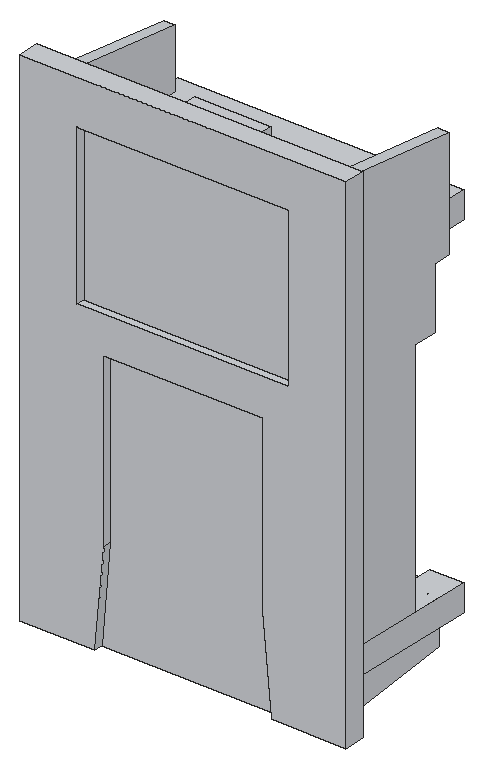
Revit family
Parameters
  Material ID = "760161117"
  Description = "LF80 FACEPLATE BLUE"
Reference planes (in)
  plane 1 "Center (Front/Back)": y = 0
  plane 2: z = 0
  plane 3 "Center (Left/Right)": x = 0
Forms (in)
  Extrusion 1, void, not visible
    sketch origin (0, 0, 0) x (1, 0, 0) y (0, 0, 1)
      loop
        line (-7.85662, 0.48089) -> (-7.85662, -0.39002) -> (-7.67285, -0.39002) -> (-7.67285, -0.64002) -> (-7.0736, -0.64002) -> (-7.0736, -0.39002) -> (-6.92978, -0.39002) -> (-6.92978, 0.48089) -> (-7.85662, 0.48089)
    from -3.79215 to 12
  Extrusion 2, void, not visible
    sketch origin (0, 0, 0) x (1, 0, 0) y (0, 0, 1)
      loop
        line (-8.21397, 0.42583) -> (-8.21397, -0.07417) -> (-8.08657, -0.07417) -> (-8.08657, -0.27417) -> (-7.83657, -0.27417) -> (-7.83657, -0.07417) -> (-7.72497, -0.07417) -> (-7.72497, 0.42583) -> (-8.21397, 0.42583)
    from 0.74059 to 3.34334
  Extrusion 3, solid
    sketch origin (0, 0, 0) x (1, 0, 0) y (0, 0, 1)
      loop
        line (-0.486, 0) -> (-0.486, -0.756) -> (0.486, -0.756) -> (0.486, 0.756) -> (-0.486, 0.756) -> (-0.486, 0)
    from 0 to 0.512
  Extrusion 4, void
    sketch origin (0, 0, 0) x (1, 0, 0) y (0, 0, 1)
      loop
        line (-0.486, 0.756) -> (-0.486, -0.756) -> (0.486, -0.756) -> (0.486, 0.756) -> (-0.486, 0.756)
      loop
        line (0.426, 0.489) -> (-0.426, 0.489) -> (-0.426, 0.409) -> (-0.376, 0.409) -> (-0.376, -0.561) -> (-0.426, -0.561) -> (-0.426, -0.641) -> (0.426, -0.641) -> (0.426, -0.561) -> (0.376, -0.561) -> (0.376, 0.409) -> (0.426, 0.409) -> (0.426, 0.489)
    from 0 to 0.45
  Extrusion 5, void
    sketch origin (0, 0, 0) x (1, 0, 0) y (0, 0, 1)
      loop
        line (0.326, 0.439) -> (-0.326, 0.439) -> (-0.326, 0.205) -> (0.326, 0.205) -> (0.326, 0.439)
      loop
        line (-0.326, -0.58901) -> (0.326, -0.58901) -> (0.326, 0.155) -> (-0.326, 0.155) -> (-0.326, -0.58901)
    from 0 to 0.45
  Extrusion 6, void
    sketch origin (0, 0, 0) x (0, 1, 0) y (0, 0, 1)
      loop
        line (0, -0.561) -> (0, 0.155) -> (0, 0.33829) -> (-0.1063, 0.33829) -> (-0.1063, 0.155) -> (-0.18174, 0.155) -> (-0.18174, -0.561) -> (0, -0.561)
    from -0.77686 to 12
  Extrusion 7, solid
    sketch origin (0, 0, 0) x (0, 1, 0) y (0, 0, 1)
      loop
        line (-0.05315, 0.33829) -> (-0.05315, 0.66645) -> (-0.45, 0.71518) -> (-0.45, -0.641) -> (-0.45, -0.73438) -> (-0.09087, -0.69029) -> (-0.09087, -0.561) -> (-0.18174, -0.561) -> (-0.18174, 0.155) -> (-0.1063, 0.155) -> (-0.1063, 0.33829) -> (-0.05315, 0.33829)
    from 0.39216 to 0.426
  Extrusion 8, solid
    sketch origin (0, 0, 0) x (0, 1, 0) y (0, 0, -1)
      loop
        line (-0.05315, -0.33829) -> (-0.1063, -0.33829) -> (-0.1063, -0.155) -> (-0.18174, -0.155) -> (-0.18174, 0.561) -> (-0.09087, 0.561) -> (-0.09087, 0.69029) -> (-0.45, 0.73438) -> (-0.45, 0.641) -> (-0.45, -0.71518) -> (-0.05315, -0.66645) -> (-0.05315, -0.33829)
    from 0.39216 to 0.426
  Extrusion 9, void
    sketch origin (0, 0, 0) x (1, 0, 0) y (0, 0, 1)
      loop
        line (-0.316, 0.623) -> (-0.316, 0.149) -> (0.315, 0.149) -> (0.315, 0.623) -> (-0.316, 0.623)
      loop
        line (-0.238, 0.039) -> (-0.238, -0.473) -> (-0.26276, -0.756) -> (0.26276, -0.756) -> (0.238, -0.473) -> (0.238, 0.039) -> (-0.238, 0.039)
    from 0.48669 to 0.51614
  Extrusion 10, solid
    sketch origin (0, 0, 0) x (1, 0, 0) y (0, 0, 1)
      loop
        line (0.13198, 0.70886) -> (-0.09355, 0.70886) -> (-0.09355, 0.64084) -> (0.13198, 0.64084) -> (0.13198, 0.70886)
      loop
        circle (0.02004, -0.69562) r 0.0393
    from 0.45 to 0.35124
Cuts and joins
  Extrusion 4, Extrusion 5, Extrusion 6, Extrusion 9 cuts Extrusion 3
